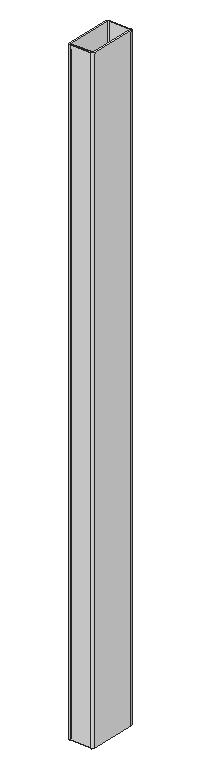
Revit family "RHS-Rectangular Hollow Section-Column", category Structural Columns, Revit 2023
Family settings
  Section Shape = Not Defined
  Material for Model Behavior = Steel
  Always export as geometry = No
  Beam cutback in plan = From bounding box
  OmniClass Number = 23.25.30.11.14.11
  OmniClass Title = Columns
  Cut with Voids When Loaded = No
  Symbolic Representation = From Project Settings
  Shared = No
  Show family pre-cut in plan views = Yes
Parameters (values of type "200x100x5.0RHS")
  Structural Material [instance] = Steel, 45-345
  b = 100 mm
  h = 200 mm
  tr = 2 * t  # 10 mm
  t = 5 mm
  Perimeter = 0
  Nominal Weight = 0.00 kgf/m
  A = 28.70 m²
Reference planes
  plane 1 "Center (Front/Back)": y = 0
  plane 2: z = 0
  plane 3 "Center (Left/Right)": x = 0
  plane 4: x = -50
  plane 5: x = 50
  plane 6: y = 100
  plane 7: y = -100
  plane 8: x = -40
  plane 9: y = -90
  plane 10: y = 90
  plane 11: x = 40
Forms (mm)
  Extrusion 1, solid, material "Steel, 45-345" <- "Structural Material", detail levels medium
    sketch origin (0, 0, 0) x (1, 0, 0) y (0, 1, 0)
      loop
        line (-50, 100) -> (-50, -100) -> (50, -100) -> (50, 100) -> (-50, 100)
      loop
        line (-45, 95) -> (-45, -95) -> (45, -95) -> (45, 95) -> (-45, 95)
    from 0 to 2500
  Extrusion 2, solid, material "Steel, 45-345" <- "Structural Material", detail levels fine
    sketch origin (0, 0, 0) x (1, 0, 0) y (0, 1, 0)
      loop
        arc (-40, 100) -> (-47.071, 97.071) -> (-50, 90) r 10
        line (-50, 90) -> (-50, -90)
        arc (-50, -90) -> (-47.071, -97.071) -> (-40, -100) r 10
        line (-40, -100) -> (40, -100)
        arc (40, -100) -> (47.071, -97.071) -> (50, -90) r 10
        line (50, -90) -> (50, 90)
        arc (50, 90) -> (47.071, 97.071) -> (40, 100) r 10
        line (40, 100) -> (-40, 100)
      loop
        arc (-40, 95) -> (-43.536, 93.536) -> (-45, 90) r 5
        line (-45, 90) -> (-45, -90)
        arc (-45, -90) -> (-43.536, -93.536) -> (-40, -95) r 5
        line (-40, -95) -> (40, -95)
        arc (40, -95) -> (43.536, -93.536) -> (45, -90) r 5
        line (45, -90) -> (45, 90)
        arc (45, 90) -> (43.536, 93.536) -> (40, 95) r 5
        line (40, 95) -> (-40, 95)
    from 0 to 2500
Lines and regions (mm)
  symbolic lines, style "StructuralColumnStickSymbols", detail levels coarse
    curve 1: line (-50, 100, 0) -> (50, 100, 0)
    curve 2: line (-50, -100, 0) -> (50, -100, 0)
    curve 5: line (-50, 100, 0) -> (-50, -100, 0)
    curve 6: line (50, 100, 0) -> (50, -100, 0)
  symbolic lines, style "Hidden Faces", detail levels medium+fine
    curve 3: line (-45, 0, 0) -> (-45, 0, 2500)
    curve 4: line (45, 0, 2500) -> (45, 0, 0)
Dimensions and locks
  equal spacing: plane 4, plane 3 "Center (Left/Right)", plane 5
  equal spacing: plane 7, plane 1 "Center (Front/Back)", plane 6
  "h": plane 7 to plane 6
  "b": plane 4 to plane 5
  "t": Extrusion 1 sketch curve to plane 5
  "t": plane 4 to Extrusion 1 sketch curve
  "t": Extrusion 1 sketch curve to plane 6
  "t": Extrusion 1 sketch curve to plane 7
  "t": Extrusion 2 sketch curve to plane 6
  "t": Extrusion 2 sketch curve to plane 5
  "t": plane 4 to Extrusion 2 sketch curve
  "t": Extrusion 2 sketch curve to plane 7
  "tr": plane 10 to plane 6
  "tr": plane 7 to plane 9
  "tr": plane 11 to plane 5
  "tr": plane 4 to plane 8
  aligned and locked: plane 6 to Extrusion 1 sketch curve
  aligned and locked: Extrusion 1 sketch curve to plane 7
  aligned and locked: Extrusion 1 sketch curve to plane 4
  aligned and locked: plane 5 to Extrusion 1 sketch curve
  aligned and locked: level to Extrusion 1
  aligned and locked: level to plane 2
  aligned and locked: Extrusion 1 to plane 2
  aligned and locked: curve 1 to Extrusion 2 sketch curve
  aligned and locked: Extrusion 2 sketch curve to Extrusion 1
  aligned and locked: level to Extrusion 2
  aligned and locked: curve 4 to Extrusion 2
  aligned and locked: curve 3 to Extrusion 2
Automatic sketch dimensions
  Extrusion 2 sketch curve to plane 8 = 0 mm  (x4)
  Extrusion 2 sketch curve to plane 7 = 0 mm
  Extrusion 2 sketch curve to plane 11 = 0 mm
  Extrusion 2 sketch curve to plane 10 = 0 mm  (x2)
  Extrusion 2 sketch curve to plane 9 = 0 mm  (x2)
  curve 3 to level = 0 mm  (x2)
  curve 4 to level = 0 mm  (x2)
  curve 5 to plane 4 = 0 mm
  curve 2 to plane 5 = 0 mm
  curve 5 to plane 7 = 0 mm
  curve 5 to plane 6 = 0 mm
